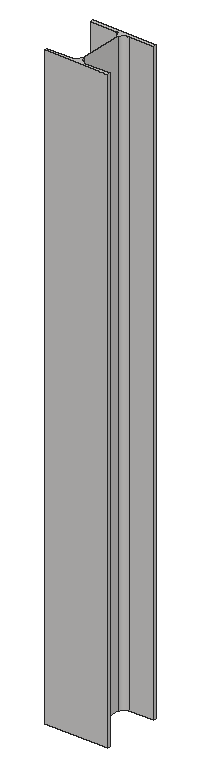
Revit family "NLRS_28_SC_HEA", category Structural Columns, Revit 2020
Family settings
  Section Shape = I-shape Wide Flange
  Material for Model Behavior = Steel
  Always export as geometry = No
  Beam cutback in plan = From bounding box
  Code Name = EURONORM 53-62; DIN 1025-3
  Cut with Voids When Loaded = No
  Symbolic Representation = From Project Settings
  Shared = No
  Show family pre-cut in plan views = Yes
Parameters (values of type "HEA260")
  Width = 260 mm
  Web Thickness = 7.5 mm
  Web Fillet = 24 mm
  Warping Constant = (empty or 0)
  Type Comments = ""
  Torsional Moment of Inertia = 0 cm⁴
  Structural Material [instance] = h3_Structural Steel - S235
  Section Name Key = "HEA260"
  Section Area = 86.8 cm²
  Plastic Modulus weak axis = 430.2 cm³
  Plastic Modulus strong axis = 919.8 cm³
  Perimeter = 4.8556 (stored number, unit not read)
  Nominal Weight = 668.81 N/m
  Moment of Inertia weak axis = 3670 cm⁴
  Moment of Inertia strong axis = 10450 cm⁴
  Height = 250 mm
  Flange Thickness = 12.5 mm
  Elastic Modulus weak axis = 282 cm³
  Elastic Modulus strong axis = 836 cm³
  Centroid Vertical = Height / 2  # 125 mm
  Centroid Horizontal = Width / 2  # 130 mm
  Bolt Spacing = 126 mm
  built-in parameter 1005539 = (empty or 0)
  Assembly Code = "2B(28.10)"
Types (24, lengths in mm): name | Width | Web Thickness | Web Fillet | Section Name Key | Section Area | Plastic Modulus weak axis | Plastic Modulus strong axis | Perimeter | Nominal Weight | Moment of Inertia weak axis | Moment of Inertia strong axis | Height | Flange Thickness | Elastic Modulus weak axis | Elastic Modulus strong axis | Centroid Vertical | Centroid Horizontal | Bolt Spacing
  HEA260 | 260 | 7.5 | 24 | "HEA260" | 86.8 cm² | 430.2 cm³ | 919.8 cm³ | 4.8556 (stored number, unit not read) | 668.81 N/m | 3670 cm⁴ | 10450 cm⁴ | 250 | 12.5 | 282 cm³ | 836 cm³ | 125 | 130 | 126
  HEA1000 | 300 | 16.5 | 30 | "HEA1000" | 347.0 cm² | 1470 cm³ | 12820 cm³ | 10.171 (stored number, unit not read) | 2667.4 N/m | 14000 cm⁴ | 553800 cm⁴ | 990 | 31 | 934 cm³ | 11190 cm³ | 495 | 150 | 147
  HEA900 | 300 | 16 | 30 | "HEA900" | 320.0 cm² | 1414 cm³ | 10810 cm³ | 9.5144 (stored number, unit not read) | 2471.3 N/m | 13550 cm⁴ | 422100 cm⁴ | 890 | 30 | 903 cm³ | 9480 cm³ | 445 | 150 | 146
  HEA800 | 300 | 15 | 30 | "HEA800" | 286.0 cm² | 1312 cm³ | 8699 cm³ | 8.8583 (stored number, unit not read) | 2196.7 N/m | 12640 cm⁴ | 303400 cm⁴ | 790 | 28 | 843 cm³ | 7680 cm³ | 395 | 150 | 145
  HEA700 | 300 | 14.5 | 27 | "HEA700" | 260.0 cm² | 1257 cm³ | 7032 cm³ | 8.2021 (stored number, unit not read) | 2000.5 N/m | 12180 cm⁴ | 215300 cm⁴ | 690 | 27 | 812 cm³ | 6240 cm³ | 345 | 150 | 139
  HEA650 | 300 | 13.5 | 27 | "HEA650" | 242.0 cm² | 1205 cm³ | 6136 cm³ | 7.9068 (stored number, unit not read) | 1863.3 N/m | 11720 cm⁴ | 175200 cm⁴ | 640 | 26 | 782 cm³ | 5470 cm³ | 320 | 150 | 138
  HEA600 | 300 | 13 | 27 | "HEA600" | 226.0 cm² | 1156 cm³ | 5350 cm³ | 7.5787 (stored number, unit not read) | 1745.6 N/m | 11270 cm⁴ | 141200 cm⁴ | 590 | 25 | 751 cm³ | 4790 cm³ | 295 | 150 | 137
  HEA550 | 300 | 12.5 | 27 | "HEA550" | 212.0 cm² | 1107 cm³ | 4622 cm³ | 7.2507 (stored number, unit not read) | 1627.9 N/m | 10820 cm⁴ | 111900 cm⁴ | 540 | 24 | 721 cm³ | 4150 cm³ | 270 | 150 | 137
  HEA500 | 300 | 12 | 27 | "HEA500" | 198.0 cm² | 1059 cm³ | 3949 cm³ | 6.9226 (stored number, unit not read) | 1520 N/m | 10370 cm⁴ | 86970 cm⁴ | 490 | 23 | 691 cm³ | 3550 cm³ | 245 | 150 | 136
  HEA450 | 300 | 11.5 | 27 | "HEA450" | 178.0 cm² | 965.5 cm³ | 3216 cm³ | 6.5945 (stored number, unit not read) | 1372.9 N/m | 9470 cm⁴ | 63720 cm⁴ | 440 | 21 | 631 cm³ | 2900 cm³ | 220 | 150 | 136
  HEA400 | 300 | 11 | 27 | "HEA400" | 159.0 cm² | 872.9 cm³ | 2562 cm³ | 6.2664 (stored number, unit not read) | 1225.8 N/m | 8560 cm⁴ | 45070 cm⁴ | 390 | 19 | 571 cm³ | 2310 cm³ | 195 | 150 | 135
  HEA360 | 300 | 10 | 27 | "HEA360" | 143.0 cm² | 802.3 cm³ | 2088 cm³ | 6.0039 (stored number, unit not read) | 1098.3 N/m | 7890 cm⁴ | 33090 cm⁴ | 350 | 17.5 | 526 cm³ | 1890 cm³ | 175 | 150 | 134
  HEA340 | 300 | 9.5 | 27 | "HEA340" | 133.0 cm² | 755.9 cm³ | 1850 cm³ | 5.8727 (stored number, unit not read) | 1029.7 N/m | 7440 cm⁴ | 27690 cm⁴ | 330 | 16.5 | 496 cm³ | 1680 cm³ | 165 | 150 | 134
  HEA320 | 300 | 9 | 27 | "HEA320" | 124.0 cm² | 709.7 cm³ | 1628 cm³ | 5.7743 (stored number, unit not read) | 957.13 N/m | 6990 cm⁴ | 22930 cm⁴ | 310 | 15.5 | 466 cm³ | 1480 cm³ | 155 | 150 | 133
  HEA300 | 300 | 8.5 | 27 | "HEA300" | 112.0 cm² | 641.2 cm³ | 1383 cm³ | 5.643 (stored number, unit not read) | 865.92 N/m | 6310 cm⁴ | 18260 cm⁴ | 290 | 14 | 421 cm³ | 1260 cm³ | 145 | 150 | 133
  HEA280 | 280 | 8 | 24 | "HEA280" | 97.3 cm² | 518.1 cm³ | 1112 cm³ | 5.2493 (stored number, unit not read) | 749.23 N/m | 4760 cm⁴ | 13670 cm⁴ | 270 | 13 | 340 cm³ | 1010 cm³ | 135 | 140 | 126
  HEA240 | 240 | 7.5 | 21 | "HEA240" | 76.8 cm² | 351.7 cm³ | 744.6 cm³ | 4.4948 (stored number, unit not read) | 591.34 N/m | 2770 cm⁴ | 7760 cm⁴ | 230 | 12 | 231 cm³ | 675 cm³ | 115 | 120 | 120
  HEA220 | 220 | 7 | 18 | "HEA220" | 64.3 cm² | 270.6 cm³ | 568.5 cm³ | 4.1339 (stored number, unit not read) | 495.23 N/m | 1950 cm⁴ | 5410 cm⁴ | 210 | 11 | 178 cm³ | 515 cm³ | 105 | 110 | 113
  HEA200 | 200 | 6.5 | 18 | "HEA200" | 53.8 cm² | 203.8 cm³ | 429.5 cm³ | 3.7402 (stored number, unit not read) | 414.82 N/m | 1340 cm⁴ | 3690 cm⁴ | 190 | 10 | 134 cm³ | 389 cm³ | 95 | 100 | 113
  HEA180 | 180 | 6 | 15 | "HEA180" | 45.3 cm² | 156.5 cm³ | 324.9 cm³ | 3.3465 (stored number, unit not read) | 348.13 N/m | 925 cm⁴ | 2510 cm⁴ | 171 | 9.5 | 103 cm³ | 294 cm³ | 85.5 | 90 | 106
  HEA160 | 160 | 6 | 15 | "HEA160" | 38.8 cm² | 117.6 cm³ | 245.1 cm³ | 2.9724 (stored number, unit not read) | 298.12 N/m | 616 cm⁴ | 1670 cm⁴ | 152 | 9 | 76.9 cm³ | 220 cm³ | 76 | 80 | 99
  HEA140 | 140 | 5.5 | 12 | "HEA140" | 31.4 cm² | 84.85 cm³ | 173.5 cm³ | 2.605 (stored number, unit not read) | 242.22 N/m | 389 cm⁴ | 1030 cm⁴ | 133 | 8.5 | 55.6 cm³ | 155 cm³ | 66.5 | 70 | 81
  HEA120 | 120 | 5 | 12 | "HEA120" | 25.3 cm² | 58.85 cm³ | 119.5 cm³ | 2.2211 (stored number, unit not read) | 195.15 N/m | 231 cm⁴ | 606 cm⁴ | 114 | 8 | 38.5 cm³ | 106 cm³ | 57 | 60 | 75
  HEA100 | 100 | 5 | 12 | "HEA 100" | 21.2 cm² | 41.14 cm³ | 83.01 cm³ | 1.8406 (stored number, unit not read) | 163.77 N/m | 134 cm⁴ | 349 cm⁴ | 96 | 8 | 26.8 cm³ | 72.8 cm³ | 48 | 50 | 66
Reference planes
  plane 1 "Center (Front/Back)": y = 0
  plane 2: z = 0
  plane 3 "Center (Left/Right)": x = 0
  plane 4: x = -130
  plane 5: x = 130
  plane 6: y = 125
  plane 7: y = -125
  plane 8: x = -3.75
  plane 9: x = 3.75
Forms (mm)
  Extrusion 1, solid, material "h3_Structural Steel - S235" <- "Structural Material", detail levels medium
    sketch origin (0, 0, 0) x (1, 0, 0) y (0, 1, 0)
      loop
        line (-130, 125) -> (-130, 112.5) -> (-3.75, 112.5) -> (-3.75, -112.5) -> (-130, -112.5) -> (-130, -125) -> (130, -125) -> (130, -112.5) -> (3.75, -112.5) -> (3.75, 112.5) -> (130, 112.5) -> (130, 125) -> (-130, 125)
    from 0 to 2500
  Extrusion 2, solid, material "h3_Structural Steel - S235" <- "Structural Material", detail levels fine
    sketch origin (0, 0, 0) x (1, 0, 0) y (0, 1, 0)
      loop
        line (-130, 125) -> (-130, 112.5) -> (-27.75, 112.5)
        arc (-27.75, 112.5) -> (-10.779, 105.471) -> (-3.75, 88.5) r 24
        line (-3.75, 88.5) -> (-3.75, -88.5)
        arc (-3.75, -88.5) -> (-10.779, -105.471) -> (-27.75, -112.5) r 24
        line (-27.75, -112.5) -> (-130, -112.5) -> (-130, -125) -> (130, -125) -> (130, -112.5) -> (27.75, -112.5)
        arc (27.75, -112.5) -> (10.779, -105.471) -> (3.75, -88.5) r 24
        line (3.75, -88.5) -> (3.75, 88.5)
        arc (3.75, 88.5) -> (10.779, 105.471) -> (27.75, 112.5) r 24
        line (27.75, 112.5) -> (130, 112.5) -> (130, 125) -> (-130, 125)
    from 0 to 2500
Lines and regions (mm)
  symbolic lines, style "StructuralColumnStickSymbols", detail levels coarse
    curve 1: line (-130, 125, 0) -> (130, 125, 0)
    curve 2: line (-130, -125, 0) -> (130, -125, 0)
    curve 3: line (0, 125, 0) -> (0, -125, 0)
  symbolic lines, style "Hidden Faces", detail levels medium+fine
    curve 4: line (-3.75, 0, 0) -> (-3.75, 0, 2500)
    curve 5: line (3.75, 0, 2500) -> (3.75, 0, 0)
Dimensions and locks
  equal spacing: plane 4, plane 3 "Center (Left/Right)", plane 5
  equal spacing: plane 7, plane 1 "Center (Front/Back)", plane 6
  "Height": plane 7 to plane 6
  "Width": plane 4 to plane 5
  "Flange Thickness": plane 7 to Extrusion 1 sketch curve
  "Flange Thickness": Extrusion 1 sketch curve to plane 6
  equal spacing: Extrusion 1 sketch curve, plane 3 "Center (Left/Right)", Extrusion 1 sketch curve
  "Web Thickness": Extrusion 1 sketch curve to Extrusion 1 sketch curve
  equal spacing: plane 8, plane 3 "Center (Left/Right)", plane 9
  "Web Thickness": plane 8 to plane 9
  "Web Fillet": radius of Extrusion 2 sketch curve  (x4)
  aligned and locked: plane 6 to Extrusion 1 sketch curve
  aligned and locked: Extrusion 1 sketch curve to plane 7
  aligned and locked: Extrusion 1 sketch curve to plane 4  (x2)
  aligned and locked: plane 5 to Extrusion 1 sketch curve  (x2)
  aligned and locked: Extrusion 1 sketch curve to Extrusion 1 sketch curve  (x2)
  aligned and locked: level to Extrusion 1
  aligned and locked: level to plane 2
  aligned and locked: Extrusion 1 to plane 2
  aligned and locked: plane 6 to Extrusion 2 sketch curve
  aligned and locked: plane 5 to Extrusion 2 sketch curve  (x2)
  aligned and locked: Extrusion 2 sketch curve to plane 4  (x2)
  aligned and locked: Extrusion 2 sketch curve to Extrusion 1  (x6)
  aligned and locked: Extrusion 2 sketch curve to plane 7
  aligned and locked: level to Extrusion 2
  aligned and locked: Extrusion 2 to level
  aligned and locked: curve 4 to plane 8
  aligned and locked: level to curve 4
  aligned and locked: plane 9 to curve 5
  aligned and locked: plane 2 to curve 5
  aligned and locked: plane 2 to curve 4
  aligned and locked: Extrusion 1 to plane 6
  aligned and locked: plane 4 to Extrusion 1  (x2)
  aligned and locked: Extrusion 1 to plane 5  (x2)
  aligned and locked: plane 7 to Extrusion 1
  aligned and locked: Extrusion 1 to plane 9
  aligned and locked: plane 8 to Extrusion 1
  aligned and locked: Extrusion 2 to plane 6
  aligned and locked: plane 4 to Extrusion 2  (x2)
  aligned and locked: Extrusion 2 to plane 5  (x2)
  aligned and locked: plane 7 to Extrusion 2
  aligned and locked: plane 8 to Extrusion 2
  aligned and locked: Extrusion 2 to plane 9
  aligned and locked: plane 6 to curve 1
  aligned and locked: plane 7 to curve 2
  aligned and locked: curve 3 to plane 3 "Center (Left/Right)"
  aligned and locked: plane 5 to curve 1
  aligned and locked: plane 4 to curve 1
  aligned and locked: plane 4 to curve 2
  aligned and locked: plane 5 to curve 2
  aligned and locked: plane 6 to curve 3
  aligned and locked: plane 7 to curve 3
  aligned and locked: level to curve 5
